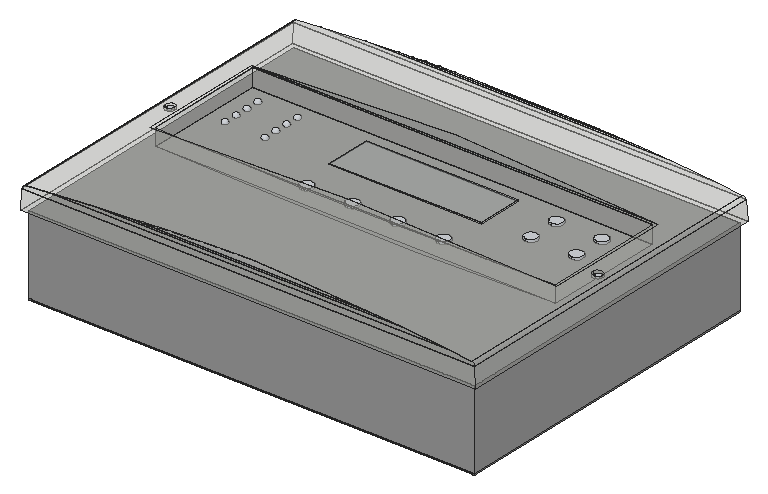
Revit family "MaviGard Gaz Alarm Santralı 4 kanallı", category Fire Alarm Devices, host Face, Revit 2021
Family settings
  Host = Face
  Maintain Annotation Orientation = Yes
  Round Connector Dimension = Use Diameter
  Part Type = Normal
  OmniClass Number = 23.85.30.21
  OmniClass Title = Environmental Detection/Registration
  Cut with Voids When Loaded = No
  Shared = No
  Room Calculation Point = No
Parameters (values of type "MaviGard Gaz Alarm Santralı 4 kanallı")
  Weight = "5,3 kg"
  Weatherproof surface mounting back box = ""
  Warranty Duration Unit = "Year"
  Warranty Duration Parts = "2"
  Warranty Duration Labor = "2"
  Version = ""
  URL = "https://www.mavili.com.tr/"
  Recessed mounting base = ""
  Public Works Pose Number = ""
  Protection Sign = ""
  Product Code = "MG-400"
  Phone Number = "(+)90 216 466 45 05"
  Operatonal Voltage (default) = ""
  Operating voltage range = ""
  Operating temperature = "(-5°C) - (+50°C)"
  Nominal Depth = "100 mm"
  Nominal Width = "400 mm"
  Nominal Height = "300 mm"
  Mounting surface = "Duvara montaj"
  Mounting height = ""
  Model = "MaviGard"
  Manufacturer = "Mavili Elektronik Ticaret A.Ş."
  Installation Manual = "https://mavilielektronik.com/Revit/MG400_kk.pdf"
  Indicator output = ""
  Fax Number = "(+)90 216 466 45 10"
  External supply = "220 V AC"
  Email = "mavili@mavili.com.tr"
  Disclaimer = ""
  Device Adress Setup = ""
  Description = "Gaz Alarm Santralı 4 kanallı"
  Default Elevation = 0 mm
  Current consumption = ""
  Cost unıt = ""
  Cost = 0
  Compatible sockets = ""
  Color = "Beyaz"
  Code Performance = ""
  Main Material = "Metal Grey"
  Secondary Material = "White Plastic ABS"
  Battery = "2 X (12V DC 7 Ah )"
  Assembly Code = ""
  Address line 1 = "Şerifali Mahallesi Kutup Sokak No:27/1-2-4 Ümraniye TR-34775 İSTANBUL"
Reference planes
  plane 1 "Center (Front/Back)": y = 0
  plane 2: z = 0
  plane 3 "Center (Left/Right)": x = 0
Forms (mm)
  Extrusion 1, solid, material "mavili arka kasa"
    sketch origin (-210, -150, 148.173) x (1, 0, 0) y (0, 0, -1)
      loop
        line (42.905, 77.3) -> (434.905, 77.3) -> (434.905, 146.904)
        arc (434.905, 146.904) -> (434.545, 147.715) -> (433.785, 148.173) r 1.476
        line (433.785, 148.173) -> (44.505, 148.173)
        arc (44.505, 148.173) -> (43.374, 147.704) -> (42.905, 146.573) r 1.6
        line (42.905, 146.573) -> (42.905, 77.3)
    from 0 to 300
  Extrusion 2, solid, material "Mavili beyaz"
    sketch origin (-210, -150, 148.173) x (1, 0, 0) y (0, 0, -1)
      loop
        line (38.905, 77.3) -> (39.824, 59.769)
        arc (39.824, 59.769) -> (40.651, 57.854) -> (42.526, 56.941) r 3
        arc (42.526, 56.941) -> (238.905, 47.3) -> (435.284, 56.941) r 2005
        arc (435.284, 56.941) -> (437.16, 57.854) -> (437.987, 59.769) r 3
        line (437.987, 59.769) -> (438.905, 77.3) -> (38.905, 77.3)
    from 0 to 300
  Extrusion 3, void
    sketch origin (-167.095, -150, 70.872) x (0, 0, 1) y (0, -1, 0)
      loop
        arc (-69.27, -296) -> (-70.403, -295.532) -> (-70.872, -294.4) r 1.6
        line (-70.872, -294.4) -> (-70.872, -300) -> (0, -300) -> (0, -296) -> (-69.27, -296)
    from 0 to 392
  Extrusion 4, void
    sketch origin (-167.095, 150, 70.872) x (0, 0, 1) y (0, -1, 0)
      loop
        line (-69.27, 296) -> (0, 296) -> (0, 300) -> (-70.872, 300) -> (-70.872, 294.4)
        arc (-70.872, 294.4) -> (-70.403, 295.532) -> (-69.27, 296) r 1.6
    from 0 to 392
  Extrusion 5, void
    sketch origin (-210, -150, 148.173) x (0, 0, -1) y (0, 1, 0)
      loop
        line (55.289, 116.326) -> (55.289, 228.158) -> (47.3, 228.297) -> (47.3, 111.721) -> (55.289, 116.326)
    from 0 to 497.127
  Extrusion 6, void
    sketch origin (-210, -150, 148.173) x (0, 0, -1) y (0, 1, 0)
      loop
        arc (47.3, 295.581) -> (48.124, 297.646) -> (50.143, 298.577) r 3
        line (50.143, 298.577) -> (51.913, 298.669) -> (55.057, 298.834) -> (59.769, 299.081) -> (77.3, 300) -> (50, 300) -> (47.3, 300) -> (47.3, 295.581)
    from 0 to 493.151
  Extrusion 7, void
    sketch origin (-210, 150, 148.173) x (0, 0, -1) y (0, 1, 0)
      loop
        line (47.3, -295.581) -> (47.3, -300) -> (50, -300) -> (77.3, -300) -> (59.769, -299.081) -> (55.057, -298.834) -> (51.913, -298.669) -> (50.143, -298.577)
        arc (50.143, -298.577) -> (48.124, -297.646) -> (47.3, -295.581) r 3
    from 0 to 493.151
  Extrusion 8, void
    sketch origin (-167.095, 146, 25.472) x (0, 0, -1) y (1, 0, 0)
      loop
        line (-13.523, 66.9) -> (-13.523, 68.054)
        arc (-13.523, 68.054) -> (-15, 68.144) -> (-16.477, 68.054) r 12.144
        line (-16.477, 68.054) -> (-16.477, 66.9)
        arc (-16.477, 66.9) -> (-26, 56.025) -> (-16.527, 45.106) r 11
        line (-16.527, 45.106) -> (-16.527, 43.952)
        arc (-16.527, 43.952) -> (-15, 43.856) -> (-13.473, 43.952) r 12.144
        line (-13.473, 43.952) -> (-13.473, 45.106)
        arc (-13.473, 45.106) -> (-4, 56.025) -> (-13.523, 66.9) r 11
    from 0 to 1
  Extrusion 9, void
    sketch origin (-127.095, 146, 25.472) x (0, 0, -1) y (1, 0, 0)
      loop
        line (-13.523, 66.9) -> (-13.523, 68.054)
        arc (-13.523, 68.054) -> (-15, 68.144) -> (-16.477, 68.054) r 12.144
        line (-16.477, 68.054) -> (-16.477, 66.9)
        arc (-16.477, 66.9) -> (-26, 56.025) -> (-16.527, 45.106) r 11
        line (-16.527, 45.106) -> (-16.527, 43.952)
        arc (-16.527, 43.952) -> (-15, 43.856) -> (-13.473, 43.952) r 12.144
        line (-13.473, 43.952) -> (-13.473, 45.106)
        arc (-13.473, 45.106) -> (-4, 56.025) -> (-13.523, 66.9) r 11
    from 0 to 1
  Extrusion 10, void
    sketch origin (-87.095, 146, 25.472) x (0, 0, -1) y (1, 0, 0)
      loop
        line (-13.523, 66.9) -> (-13.523, 68.054)
        arc (-13.523, 68.054) -> (-15, 68.144) -> (-16.477, 68.054) r 12.144
        line (-16.477, 68.054) -> (-16.477, 66.9)
        arc (-16.477, 66.9) -> (-26, 56.025) -> (-16.527, 45.106) r 11
        line (-16.527, 45.106) -> (-16.527, 43.952)
        arc (-16.527, 43.952) -> (-15, 43.856) -> (-13.473, 43.952) r 12.144
        line (-13.473, 43.952) -> (-13.473, 45.106)
        arc (-13.473, 45.106) -> (-4, 56.025) -> (-13.523, 66.9) r 11
    from 0 to 1
  Extrusion 11, void
    sketch origin (-47.095, 146, 25.472) x (0, 0, -1) y (1, 0, 0)
      loop
        line (-13.523, 66.9) -> (-13.523, 68.054)
        arc (-13.523, 68.054) -> (-15, 68.144) -> (-16.477, 68.054) r 12.144
        line (-16.477, 68.054) -> (-16.477, 66.9)
        arc (-16.477, 66.9) -> (-26, 56.025) -> (-16.527, 45.106) r 11
        line (-16.527, 45.106) -> (-16.527, 43.952)
        arc (-16.527, 43.952) -> (-15, 43.856) -> (-13.473, 43.952) r 12.144
        line (-13.473, 43.952) -> (-13.473, 45.106)
        arc (-13.473, 45.106) -> (-4, 56.025) -> (-13.523, 66.9) r 11
    from 0 to 1
  Extrusion 12, void
    sketch origin (-7.095, 146, 25.472) x (0, 0, -1) y (1, 0, 0)
      loop
        line (-13.523, 66.9) -> (-13.523, 68.054)
        arc (-13.523, 68.054) -> (-15, 68.144) -> (-16.477, 68.054) r 12.144
        line (-16.477, 68.054) -> (-16.477, 66.9)
        arc (-16.477, 66.9) -> (-26, 56.025) -> (-16.527, 45.106) r 11
        line (-16.527, 45.106) -> (-16.527, 43.952)
        arc (-16.527, 43.952) -> (-15, 43.856) -> (-13.473, 43.952) r 12.144
        line (-13.473, 43.952) -> (-13.473, 45.106)
        arc (-13.473, 45.106) -> (-4, 56.025) -> (-13.523, 66.9) r 11
    from 0 to 1
  Extrusion 13, void
    sketch origin (32.905, 146, 25.472) x (0, 0, -1) y (1, 0, 0)
      loop
        line (-13.523, 66.9) -> (-13.523, 68.054)
        arc (-13.523, 68.054) -> (-15, 68.144) -> (-16.477, 68.054) r 12.144
        line (-16.477, 68.054) -> (-16.477, 66.9)
        arc (-16.477, 66.9) -> (-26, 56.025) -> (-16.527, 45.106) r 11
        line (-16.527, 45.106) -> (-16.527, 43.952)
        arc (-16.527, 43.952) -> (-15, 43.856) -> (-13.473, 43.952) r 12.144
        line (-13.473, 43.952) -> (-13.473, 45.106)
        arc (-13.473, 45.106) -> (-4, 56.025) -> (-13.523, 66.9) r 11
    from 0 to 1
  Extrusion 14, void
    sketch origin (72.905, 146, 25.472) x (0, 0, -1) y (1, 0, 0)
      loop
        line (-13.523, 66.9) -> (-13.523, 68.054)
        arc (-13.523, 68.054) -> (-15, 68.144) -> (-16.477, 68.054) r 12.144
        line (-16.477, 68.054) -> (-16.477, 66.9)
        arc (-16.477, 66.9) -> (-26, 56.025) -> (-16.527, 45.106) r 11
        line (-16.527, 45.106) -> (-16.527, 43.952)
        arc (-16.527, 43.952) -> (-15, 43.856) -> (-13.473, 43.952) r 12.144
        line (-13.473, 43.952) -> (-13.473, 45.106)
        arc (-13.473, 45.106) -> (-4, 56.025) -> (-13.523, 66.9) r 11
    from 0 to 1
  Extrusion 15, void
    sketch origin (112.905, 146, 25.472) x (0, 0, -1) y (1, 0, 0)
      loop
        line (-13.523, 66.9) -> (-13.523, 68.054)
        arc (-13.523, 68.054) -> (-15, 68.144) -> (-16.477, 68.054) r 12.144
        line (-16.477, 68.054) -> (-16.477, 66.9)
        arc (-16.477, 66.9) -> (-26, 56.025) -> (-16.527, 45.106) r 11
        line (-16.527, 45.106) -> (-16.527, 43.952)
        arc (-16.527, 43.952) -> (-15, 43.856) -> (-13.473, 43.952) r 12.144
        line (-13.473, 43.952) -> (-13.473, 45.106)
        arc (-13.473, 45.106) -> (-4, 56.025) -> (-13.523, 66.9) r 11
    from 0 to 1
  Extrusion 16, void
    sketch origin (-210, -33.417, 92.884) x (-1, 0, 0) y (0, 1, 0)
      loop
        line (-62.836, 2.214) -> (-62.836, 108.579)
        spline (-62.836, 108.579) -> (-92.123, 108.62) -> (-121.442, 108.654) -> (-150.785, 108.681) -> (-180.148, 108.699) -> (-209.524, 108.711) -> (-238.905, 108.714) -> (-268.287, 108.711) -> (-297.662, 108.699) -> (-327.025, 108.681) -> (-356.369, 108.654) -> (-385.687, 108.62) -> (-414.974, 108.579)
        line (-414.974, 108.579) -> (-414.974, 2.214)
        spline (-414.974, 2.214) -> (-385.687, 0.847) -> (-356.369, -0.273) -> (-327.025, -1.144) -> (-297.662, -1.766) -> (-268.287, -2.14) -> (-238.905, -2.264) -> (-209.524, -2.14) -> (-180.148, -1.766) -> (-150.785, -1.144) -> (-121.442, -0.273) -> (-92.123, 0.847) -> (-62.836, 2.214)
    from 0 to 15
  Extrusion 17, void
    sketch origin (-210, -33.417, 92.884) x (-1, 0, 0) y (0, 1, 0)
      loop
        circle (-50.905, 33.417) r 4.25
    from 0 to 3
  Extrusion 18, solid
    sketch origin (-210, -33.442, 89.884) x (0, 1, 0) y (-1, 0, 0)
      loop
        line (35.753, -50.862) -> (34.597, -48.861) -> (32.286, -48.861) -> (31.13, -50.862) -> (32.286, -52.864) -> (34.597, -52.864) -> (35.753, -50.862)
    from 0 to 1
  Extrusion 19, void
    sketch origin (267.811, -33.417, 92.884) x (-1, 0, 0) y (0, 1, 0)
      loop
        circle (50.905, 33.417) r 4.25
    from 0 to 3
  Extrusion 20, solid
    sketch origin (267.811, -33.442, 89.884) x (0, 1, 0) y (-1, 0, 0)
      loop
        line (35.753, 50.862) -> (34.597, 52.864) -> (32.286, 52.864) -> (31.13, 50.862) -> (32.286, 48.861) -> (34.597, 48.861) -> (35.753, 50.862)
    from 0 to 1
  Revolve 21, solid
    sketch origin (-210, -33.417, 77.884) x (-1, 0, 0) y (0, -1, 0)
      loop
        line (-78.905, -96.917) -> (-78.905, -91.917)
        arc (-78.905, -91.917) -> (-81.405, -94.417) -> (-78.905, -96.917) r 2.5
      axis (-78.905, -96.917) -> (-78.905, -91.917)
    angle from 0 to -180
  Revolve 22, solid
    sketch origin (-175, -33.417, 77.884) x (-1, 0, 0) y (0, -1, 0)
      loop
        line (-78.905, -96.917) -> (-78.905, -91.917)
        arc (-78.905, -91.917) -> (-81.405, -94.417) -> (-78.905, -96.917) r 2.5
      axis (-78.905, -96.917) -> (-78.905, -91.917)
    angle from 0 to -180
  Revolve 23, solid
    sketch origin (-210, -45.417, 77.884) x (-1, 0, 0) y (0, -1, 0)
      loop
        line (-78.905, -96.917) -> (-78.905, -91.917)
        arc (-78.905, -91.917) -> (-81.405, -94.417) -> (-78.905, -96.917) r 2.5
      axis (-78.905, -96.917) -> (-78.905, -91.917)
    angle from 0 to -180
  Revolve 24, solid
    sketch origin (-175, -45.417, 77.884) x (-1, 0, 0) y (0, -1, 0)
      loop
        line (-78.905, -96.917) -> (-78.905, -91.917)
        arc (-78.905, -91.917) -> (-81.405, -94.417) -> (-78.905, -96.917) r 2.5
      axis (-78.905, -96.917) -> (-78.905, -91.917)
    angle from 0 to -180
  Revolve 25, solid
    sketch origin (-175, -57.417, 77.884) x (-1, 0, 0) y (0, -1, 0)
      loop
        line (-78.905, -96.917) -> (-78.905, -91.917)
        arc (-78.905, -91.917) -> (-81.405, -94.417) -> (-78.905, -96.917) r 2.5
      axis (-78.905, -96.917) -> (-78.905, -91.917)
    angle from 0 to -180
  Revolve 26, solid
    sketch origin (-210, -57.417, 77.884) x (-1, 0, 0) y (0, -1, 0)
      loop
        line (-78.905, -96.917) -> (-78.905, -91.917)
        arc (-78.905, -91.917) -> (-81.405, -94.417) -> (-78.905, -96.917) r 2.5
      axis (-78.905, -96.917) -> (-78.905, -91.917)
    angle from 0 to -180
  Revolve 27, solid
    sketch origin (-210, -69.417, 77.884) x (-1, 0, 0) y (0, -1, 0)
      loop
        line (-78.905, -96.917) -> (-78.905, -91.917)
        arc (-78.905, -91.917) -> (-81.405, -94.417) -> (-78.905, -96.917) r 2.5
      axis (-78.905, -96.917) -> (-78.905, -91.917)
    angle from 0 to -180
  Revolve 28, solid
    sketch origin (-175, -69.417, 77.884) x (-1, 0, 0) y (0, -1, 0)
      loop
        line (-78.905, -96.917) -> (-78.905, -91.917)
        arc (-78.905, -91.917) -> (-81.405, -94.417) -> (-78.905, -96.917) r 2.5
      axis (-78.905, -96.917) -> (-78.905, -91.917)
    angle from 0 to -180
  Extrusion 29, solid
    sketch origin (-210, -33.417, 77.884) x (-1, 0, 0) y (0, -1, 0)
      loop
        circle (-178.905, -23.417) r 5.5
    from 0 to 1.419
  Extrusion 30, solid
    sketch origin (-170, -33.417, 77.884) x (-1, 0, 0) y (0, -1, 0)
      loop
        circle (-178.905, -23.417) r 5.5
    from 0 to 1.419
  Extrusion 31, solid
    sketch origin (-130, -33.417, 77.884) x (-1, 0, 0) y (0, -1, 0)
      loop
        circle (-178.905, -23.417) r 5.5
    from 0 to 1.419
  Extrusion 32, solid
    sketch origin (-90, -33.417, 77.884) x (-1, 0, 0) y (0, -1, 0)
      loop
        circle (-178.905, -23.417) r 5.5
    from 0 to 1.419
  Extrusion 33, solid
    sketch origin (-210, -33.417, 77.884) x (-1, 0, 0) y (0, -1, 0)
      loop
        circle (-343.905, -91.417) r 5.5
    from 0 to 1.4
  Extrusion 34, solid
    sketch origin (-170, -33.417, 77.884) x (-1, 0, 0) y (0, -1, 0)
      loop
        circle (-343.905, -91.417) r 5.5
    from 0 to 1.4
  Extrusion 35, solid
    sketch origin (-209.988, -61.417, 77.884) x (-1, 0, 0) y (0, -1, 0)
      loop
        circle (-343.905, -91.417) r 5.5
    from 0 to 1.4
  Extrusion 36, solid
    sketch origin (-170.012, -61.417, 77.884) x (-1, 0, 0) y (0, -1, 0)
      loop
        circle (-343.905, -91.417) r 5.5
    from 0 to 1.4
  Extrusion 37, solid, material "Air Surfaces(1)"
    sketch origin (-210, -33.417, 77.884) x (-1, 0, 0) y (0, -1, 0)
      loop
        line (-171.905, -97.417) -> (-171.905, -56.417) -> (-305.905, -56.417) -> (-305.905, -97.417) -> (-171.905, -97.417)
    from 0 to 1.4
Cuts and joins
  Extrusion 3, Extrusion 4, Extrusion 8, Extrusion 9, Extrusion 10, Extrusion 11, Extrusion 12, Extrusion 13, Extrusion 14, Extrusion 15 cuts Extrusion 1
  Extrusion 3, Extrusion 4, Extrusion 5, Extrusion 6, Extrusion 7, Extrusion 16, Extrusion 17, Extrusion 19 cuts Extrusion 2
  Extrusion 19 cuts Extrusion 18
Dimensions and locks
  aligned and locked: plane 2 to host face
  aligned and locked: level to host face
Connectors
  electrical at (29.145, 0, 0)
    settings: on cut or joined group of Extrusion 1, Extrusion 3, Extrusion 4, Extrusion 8, Extrusion 9, Extrusion 10, Extrusion 11, Extrusion 12, Extrusion 13, Extrusion 14, Extrusion 15, index 1, voltage 0 V, apparent load 0 VA, apparent load phase1 0 VA, apparent load phase2 0 VA, apparent load phase3 0 VA, power factor 1, load classification "Other", number of poles 1, system type 31, power factor state 1, is connector primary yes, connector utility no, sub classification motor no, connector description ""
